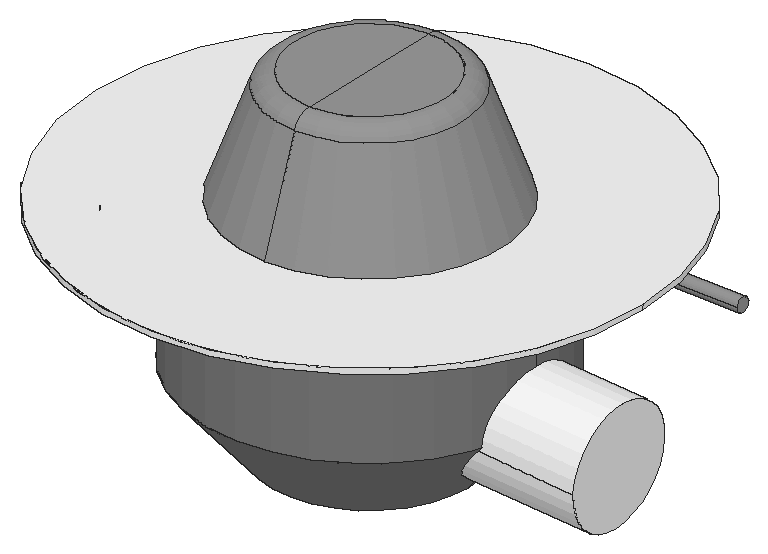
Revit family "HL_RU_Roof drain_HL64.1P-B-221103", category Sanitärinstallationen, Revit 2020
Family settings
  Bemaßung runder Anschluss = Durchmesser verwenden
  Teiletyp = Normal
  OmniClass-Nummer = 23.70.50.21.24.14
  OmniClass-Titel = Deck Waste Water Drains
  Arbeitsebenenbasiert = Nein
  Immer vertikal = Ja
  Beim Laden mit Abzugskörper schneiden = Nein
  Gemeinsam genutzt = Nein
  Raumberechnungspunkt = Ja
Parameters (values of type "HL_Кровельная воронка_HL64.1P_7")
  РАЗМЕР = "DN75"
  ПРОПУСКНАЯ СПОСОБНОСТЬ [instance] = 0.0 L/s
  ПРОИЗВОДИТЕЛЬНОСТЬ = "6,9 l/s"
  ПРАВОВАЯ ИНФОРМАЦИЯ = "Авторские права(©), права на дизайн или какие либо другие права интелектуальной собственности являются исключительной собственностью компании HL Hutterer & Lechner. Изменению не подлежит. Файл семейства с данными о прозводителе изделия защищен паролем с водяным знаком."
  НОМИНАЛЬНЫЙ ДИАМЕТР = 75 mm
  МАТЕРИАЛ = "PVC"
  ВЕС = "1,74 [kg]"
  Vorgabe-Ansicht = 0 mm
  Hersteller = "HL Hutterer & Lechner GmbH"  # constant formula
  URL = "http://www.hutterer-lechner.com/ru/products/catalog/roof-drains/HL64.1P/7.aspx"
  Материал плитка [instance] = none
  Lüftungsverbindung = no
  Abwasserrohrverbindung = yes
  HW-Verbindung = no
  KW-Verbindung = no
  Beschreibung = "Кровельные воронки"
  Model = "HL64.1P_7"
  Assembly Code = " "
  Typenkommentare = "HL64.1P/7 Кровельная воронка DN75, горизонтальный выпуск, с ПВХ_фланцем и электрообогревом (10_30W/230V),"
  Keynote = "HL64.1P_7"
  Bысота монтажа [instance] = 0 mm  # constant formula
  G [instance] = 90.00°  # constant formula
  EAN = "9003076031443"
  D [instance] = if(НОМИНАЛЬНЫЙ ДИАМЕТР = 75 mm, 162.8 mm, 178 mm)  # 162.8 mm
  C [instance] = if(Bысота монтажа - 68 mm < 0 mm, 0 mm, Bысота монтажа - 68 mm)  # 0 mm
  B [instance] = Bысота монтажа + if(НОМИНАЛЬНЫЙ ДИАМЕТР = 75 mm, 101 mm, 84 mm)  # 101 mm
  A [instance] = if(B - 100 mm > 15 mm, B - 100 mm, 15 mm)  # 15 mm
Types (3, lengths in mm): name | РАЗМЕР | ПРОИЗВОДИТЕЛЬНОСТЬ | НОМИНАЛЬНЫЙ ДИАМЕТР | ВЕС | URL | Model | Typenkommentare | Keynote | EAN | D | B
  (no name) | "DN75" | "6,9 l/s" | 75 | "1,74 [kg]" | "http://www.hutterer-lechner.com/ru/products/catalog/roof-drains/HL64.1P/7.aspx" | "HL64.1P_7" | "HL64.1P/7 Кровельная воронка DN75, горизонтальный выпуск, с ПВХ_фланцем и электрообогревом (10_30W/230V)," | "HL64.1P_7" | "9003076031443" | 162.8 | 101
  HL_Кровельная воронка_HL64.1P_1 | "DN110" | "7,8 l/s" | 110 | "1,128 [kg]" | "http://www.hutterer-lechner.com/ru/products/catalog/roof-drains/HL64.1P/1.aspx" | "HL64.1P_1" | "HL64.1P/1 Кровельная воронка DN110, горизонтальный выпуск, с ПВХ_фланцем и электрообогревом (10_30W/230V)," | "HL64.1P_1" | "9003076031467" | 178 | 84
  HL_Кровельная воронка_HL64.1P_7 | "DN75" | "6,9 l/s" | 75 | "1,74 [kg]" | "http://www.hutterer-lechner.com/ru/products/catalog/roof-drains/HL64.1P/7.aspx" | "HL64.1P_7" | "HL64.1P/7 Кровельная воронка DN75, горизонтальный выпуск, с ПВХ_фланцем и электрообогревом (10_30W/230V)," | "HL64.1P_7" | "9003076031443" | 162.8 | 101
Reference planes
  plane 1 "Center (Front/Back)": y = 0
  plane 2: z = 0
  plane 3 "Center (Left/Right)": x = 0
  plane 4: z = -101
  plane 5: z = 0
Lines and regions (mm)
  model lines, style "InvisibleLines"
    curve 1: line (0, 0, 0) -> (0, 0, 20)
  model lines, style "PlumbingFixtures", detail levels coarse+medium
    curve 2: line (0, 0, -101) -> (0, 0, -86)
    curve 3: line (0, 0, -86) -> (-86, 0, 0)
    curve 4: line (0, 0, -86) -> (86, 0, 0)
    curve 6: line (0, 0, -101) -> (162.8, 0, -101)
  reference lines, not visible
    curve 5: line (0, 0, -101) -> (162.8, 0, -101)
  symbolic lines, style "PlumbingFixtures", detail levels coarse+medium
    curve 7: line (-75, 75, 0) -> (75, 75, 0)
    curve 8: line (-75, -75, 0) -> (-75, 75, 0)
    curve 9: line (75, -75, 0) -> (-75, -75, 0)
    curve 10: line (75, 75, 0) -> (75, -75, 0)
    curve 11: line (-75, 75, 0) -> (-145.711, 145.711, 0)
    curve 12: line (75, 75, 0) -> (145.711, 145.711, 0)
    curve 13: line (-75, -75, 0) -> (-145.711, -145.711, 0)
    curve 14: line (75, -75, 0) -> (145.711, -145.711, 0)
  symbolic lines, style "PlumbingFixtures", not visible, detail levels coarse+medium
    curve 15: line (-75, 75, 0) -> (75, 75, 0)
    curve 16: line (-75, -75, 0) -> (-75, 75, 0)
    curve 17: line (75, -75, 0) -> (-75, -75, 0)
    curve 18: line (75, 75, 0) -> (75, -75, 0)
    curve 19: line (-75, 75, 0) -> (-145.711, 145.711, 0)
    curve 20: line (75, 75, 0) -> (145.711, 145.711, 0)
    curve 21: line (-75, -75, 0) -> (-145.711, -145.711, 0)
    curve 22: line (75, -75, 0) -> (145.711, -145.711, 0)
Text (mm)
  text "FLOOR" at (-162.344, 0, -10.979), in view "Drain Construction View"
Dimensions and locks
  "B": plane 2 to plane 4
  "Bысота монтажа": plane 2 to plane 5
  "A": curve 4 to plane 4
  "D": curve 5 to curve 5
  "D": curve 6 to curve 6
  locked: curve 4 to plane 3 "Center (Left/Right)" (angle 45.00°)
  locked: plane 3 "Center (Left/Right)" to curve 3 (angle 45.00°)
  "G": angle curve 5 to plane 3 "Center (Left/Right)"
  aligned and locked: level to plane 2
  aligned and locked: plane 2 to curve 4
  aligned and locked: plane 2 to curve 3
  aligned and locked: plane 4 to curve 5
  aligned and locked: plane 3 "Center (Left/Right)" to curve 5
  aligned and locked: plane 4 to curve 2
  aligned and locked: plane 3 "Center (Left/Right)" to curve 6
  aligned and locked: plane 4 to curve 6
  aligned and locked: nested 1 to plane 5
  aligned and locked: plane 3 "Center (Left/Right)" to nested 1
  aligned and locked: plane 2 to nested 2
  aligned and locked: plane 3 "Center (Left/Right)" to nested 2
Automatic sketch dimensions
  curve 2 to plane 3 "Center (Left/Right)" = 0 mm
  curve 1 to plane 3 "Center (Left/Right)" = 0 mm
  curve 1 to level = 0 mm
  level to curve 1 = 20 mm
Nested families
  nested 1: "HL_кровельные воронки - корпус_HL64.1P" at (0, 0, 0), НОМИНАЛЬНЫЙ ДИАМЕТР <- "НОМИНАЛЬНЫЙ ДИАМЕТР", type "HL_кровельные воронки - корпус_HL64.1P"
    with НОМИНАЛЬНЫЙ ДИАМЕТР 75 mm, L 164 mm, B 101.3 mm, A 92.3 mm
  nested 2: "HL_Вспомогательные материалы-Противопожарная защита_HL062.1E" at (0, 0, 0), type "HL_Вспомогательные материалы-Противопожарная защита_HL062.1E"
Connectors
  piping at (162.8, 0, -101), diameter 75, driven by "ПРОПУСКНАЯ СПОСОБНОСТЬ", driven by "НОМИНАЛЬНЫЙ ДИАМЕТР"
    settings: on curve 5, index 1, connector inside diameter 609.6 mm, connector length 0 mm, flow factor 0, pipe flow 0.0 L/s, pressure drop 0.0 Pa, fitting loss kfactor 0, connector angle 0.00°, fixture units 0, engagement length 0 mm, angle of deflection 0.00°, flow configuration 1, flow direction 2, fitting loss method 0, system type 16, joint type 0, gender type 0, connector reference index -1, connector utility 0, adjustable connector yes, is connector primary yes, connector description ""
Definition of nested family "HL_кровельные воронки - корпус_HL64.1P"
  Parameters (values of type "HL_кровельные воронки - корпус_HL64.1P")
    НОМИНАЛЬНЫЙ ДИАМЕТР [instance] = 110 mm
    Default Elevation = 0 mm
    Manufacturer = ""
    URL = ""
    Description = ""
    Model = ""
    L [instance] = if(НОМИНАЛЬНЫЙ ДИАМЕТР = 75 mm, 164 mm, 178 mm)  # 178 mm
    Type Comments = ""
    Cost = 0
    B [instance] = if(НОМИНАЛЬНЫЙ ДИАМЕТР = 75 mm, 101.3 mm, 84 mm)  # 84 mm
    A [instance] = if(НОМИНАЛЬНЫЙ ДИАМЕТР = 75 mm, 92.3 mm, 75 mm)  # 75 mm
  Reference planes
    plane 1 "Střed (vpředu/vzadu)": y = 0
    plane 2: z = 0
    plane 3 "Střed (vlevo/vpravo)": x = 0
  Forms (mm)
    Extrusion 1, solid, detail levels fine
      sketch origin (0, 0.019, 0) x (1, 0, 0) y (0, 1, 0)
        loop
          circle (0, 0) r 180
        loop
          circle (0, 0) r 78.913
      from 0 to -3.5
    Extrusion 2, solid, detail levels fine
      sketch origin (0, 0.019, -3.5) x (0, 1, 0) y (1, 0, 0)
        loop
          circle (0, 0) r 140
      from 0 to 18
    Extrusion 3, solid, detail levels fine
      sketch origin (0, 0.019, -21.5) x (-1, 0, 0) y (0, 1, 0)
        loop
          circle (0, 0) r 110
      from 0 to 73.906
    Blend 4, solid, detail levels fine
      base sketch origin (0, 0.019, -95.406) x (0, -1, 0) y (1, 0, 0)
        loop
          circle (0, 0) r 110
      top sketch origin (0, 0.019, -95.406) x (0, -1, 0) y (1, 0, 0)
        loop
          circle (0, 0) r 65
      from 0 to -53
    Revolve 5, void
      sketch origin (0, 0.019, 0) x (1, 0, 0) y (0, 0, 1)
        loop
          line (-78.913, 0) -> (-78.913, -16.281) -> (-74.694, -23.588) -> (-74.694, -24.914) -> (-75.511, -24.914) -> (-75.511, -30.304) -> (-64.679, -30.304) -> (-64.679, -32.804) -> (0, -32.804) -> (0, 0) -> (-78.913, 0)
        axis (0, 0) -> (0, -32.804)
      angle from 0 to 360
    Extrusion 6, solid, detail levels fine
      sketch origin (193.712, 65.055, -23.793) x (0, 1, 0) y (0, 0, 1)
        loop
          circle (0.061, -0.108) r 4.5
      from 0 to -120
    Extrusion 7, solid, detail levels fine
      sketch origin (179.491, 0, -54.515) x (0, -1, 0) y (-0.050497, 0, -0.998724)
        loop
          circle (0, 29.523) r 55
      from 0 to -99.364
  Cuts and joins
    Revolve 5 cuts Extrusion 1
    Revolve 5 cuts Extrusion 2
    Revolve 5 cuts Extrusion 3
  Lines and regions (mm)
    reference lines
      curve 1: line (0, 0, -75) -> (178, 0, -84)
  Dimensions and locks
    "B": plane 2 to curve 1
    curve 1 to plane 3 "Střed (vlevo/vpravo)" = 0 mm
    "A": plane 2 to curve 1
    "L": curve 1 to plane 3 "Střed (vlevo/vpravo)"
    "НОМИНАЛЬНЫЙ ДИАМЕТР": diameter of Extrusion 7 sketch curve
    aligned and locked: level to plane 2
  Automatic sketch dimensions
    Extrusion 1 sketch curve to Extrusion 1 sketch curve = 0 mm  (x2)
    Extrusion 1 sketch curve to plane 3 "Střed (vlevo/vpravo)" = 0 mm
    Extrusion 1 sketch curve to plane 1 "Střed (vpředu/vzadu)" = 0.019 mm
    Revolve 5 sketch curve to level = 0 mm
    Revolve 5 sketch curve to plane 3 "Střed (vlevo/vpravo)" = 0 mm  (x2)
    Revolve 5 sketch curve to level = 30.304 mm
    Revolve 5 sketch curve to plane 3 "Střed (vlevo/vpravo)" = 64.679 mm
    Revolve 5 sketch curve to level = 23.588 mm
    Revolve 5 sketch curve to Revolve 5 sketch curve = 10.016 mm
    Revolve 5 sketch curve to Revolve 5 sketch curve = 0.817 mm
    Revolve 5 sketch curve to Revolve 5 sketch curve = 4.218 mm
    Revolve 5 sketch curve to level = 32.804 mm
    Revolve 5 sketch curve to Revolve 5 sketch curve = 1.326 mm
    Revolve 5 sketch curve to Revolve 5 sketch curve = 7.307 mm
    Revolve 5 sketch curve to Revolve 5 sketch curve = 25 mm
    Revolve 5 sketch curve to Revolve 5 sketch curve = 50 mm
    Extrusion 6 sketch curve to level = 23.9 mm
    Extrusion 6 sketch curve to plane 1 "Střed (vpředu/vzadu)" = 65.116 mm
    Extrusion 7 sketch curve to plane 1 "Střed (vpředu/vzadu)" = 0 mm
    radius of Extrusion 1 sketch curve = 180 mm
    radius of Extrusion 1 sketch curve = 78.913 mm
    radius of Extrusion 2 sketch curve to Extrusion 1 = 40 mm
    radius of Extrusion 3 sketch curve to Extrusion 2 = 30 mm
    radius of Blend 4 sketch curve to Extrusion 3 = 0 mm
    radius of Blend 4 sketch curve to Extrusion 3 = 45 mm
    radius of Extrusion 6 sketch curve = 4.5 mm
Definition of nested family "HL_Вспомогательные материалы-Противопожарная защита_HL062.1E"
  Parameters
    ПРАВОВАЯ ИНФОРМАЦИЯ = ""
    ВЕС = "0,097 [kg]"
    Default Elevation = 0 mm
    Manufacturer = ""
    URL = ""
    Материал плитка = none
    Description = ""
    Model = ""
    Type Comments = "HL062.1E, domed plastic grate"
    Keynote = ""
    Пропускная способность [instance] = 0.0 L/s
    EAN = "9003076006212"
    Cost = 0
  Types (2, lengths in mm): name | ПРАВОВАЯ ИНФОРМАЦИЯ | Manufacturer | URL | Description | Model | Type Comments | Keynote
    (no name) | "" | "" | "" | "" | "" | "HL062.1E, domed plastic grate" | ""
    HL_Вспомогательные материалы-Противопожарная защита_HL062.1E | "Авторские права(©), права на дизайн или какие либо другие права интелектуальной собственности являются исключительной собственностью компании HL Hutterer & Lechner. Изменению не подлежит. Файл семейства с данными о прозводителе изделия защищен паролем с водяным знаком." | "HL Hutterer & Lechner GmbH" | "http://www.hutterer-lechner.com/ru/products/catalog/roof-drains/HL062.1E.aspx" | "Кровельные воронки" | "HL062.1E" | "HL062.1E, Листвоуловитель" | "HL062.1E"
  Reference planes
    plane 1 "Střed (vpředu/vzadu)": y = 0
    plane 2: z = 0
    plane 3 "Střed (vlevo/vpravo)": x = 0
  Forms (mm)
    Revolve 1, solid, detail levels fine
      sketch origin (0, 0, 0) x (0, 1, 0) y (0, 0, 1)
        loop
          line (0, 75) -> (0, 60.2) -> (47.074, 60.2) -> (68.985, 0) -> (86.249, 0) -> (61.992, 66.646)
          arc (61.992, 66.646) -> (56.733, 72.731) -> (49.016, 75) r 14.255
          line (49.016, 75) -> (0, 75)
        axis (0, 75) -> (0, 0)
      angle from 0 to 360
    Extrusion 2, solid, detail levels fine
      sketch origin (0, 0, 0) x (0, 1, 0) y (1, 0, 0)
        loop
          circle (0, 0) r 78.587
        loop
          circle (0, 0) r 70.981
      from 0 to 16.7
    Extrusion 3, solid, detail levels fine
      sketch origin (0, 0, -16.7) x (-1, 0, 0) y (0, 1, 0)
        loop
          circle (0, 0) r 70
        loop
          circle (0, 0) r 74.546
      from 0 to 12.3
  Dimensions and locks
    aligned and locked: level to plane 2
